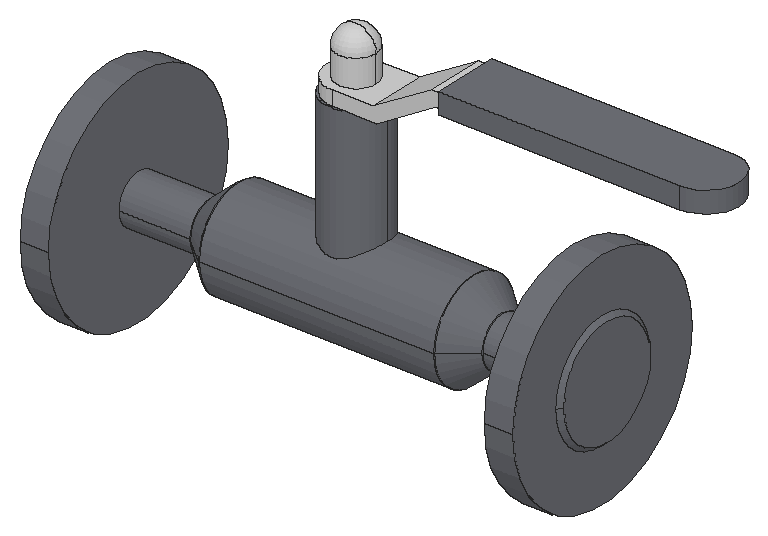
Revit family "РИДАН_RJIP Premium FB_FF_H DN15-125", category Арматура трубопроводов, Revit 2019
Family settings
  Размер круглого соединителя = Использовать диаметр
  Тип детали = Вставляется
  На основе рабочей плоскости = Нет
  Всегда вертикально = Да
  При загрузке вырезать с полостями = Нет
  Общий = Нет
Parameters (values of type "DN 15 PN40")
  Контакты_Производитель = "info@ridan.ru"  # constant formula
  Изготовитель = "ООО «Ридан-Трейд»"  # constant formula
  num = 1
  n = size_lookup(LT, "n", 20 mm, num)  # 2 mm
  m = size_lookup(LT, "m", 20 mm, num)  # 46 mm
  l = size_lookup(LT, "l", 20 mm, num)  # 50 mm
  k = size_lookup(LT, "k", 20 mm, num)  # 95 mm
  j = size_lookup(LT, "j", 20 mm, num)  # 12 mm
  i = (a * 2) + (b * 2) + c + (n * 2) + (j * 2)  # 213 mm
  h = size_lookup(LT, "h", 20 mm, num)  # 27 mm
  g = size_lookup(LT, "g", 20 mm, num)  # 73 mm
  f = size_lookup(LT, "f", 20 mm, num)  # 42 mm
  e = size_lookup(LT, "e", 20 mm, num)  # 21 mm
  d = size_lookup(LT, "d", 20 mm, num)  # 50 mm
  c = size_lookup(LT, "c", 20 mm, num)  # 100 mm
  b = size_lookup(LT, "b", 20 mm, num)  # 11.995 mm
  a = size_lookup(LT, "a", 20 mm, num)  # 30.505 mm
  URL = "https://ridan.ru/"
  LT = "Table"  # constant formula
  ADSK_Расход жидкости = 0 m³/h
  ADSK_Пропускная способность = size_lookup(LT, "Kvs", 0 m³/h, num)  # 18 m³/h
  ADSK_Потеря давления жидкости = 100000.0 Pa * (ADSK_Расход жидкости / ADSK_Пропускная способность) ^ 2  # 0.0 Pa
  ADSK_Наименование = size_lookup(LT, "Name", "", num)  # "RJIP Premium Кран шаровой FB FF DN15 PN40 H (фланцевый, с рукояткой, полнопроходной)"
  ADSK_Масса_Текст = ""
  ADSK_Масса = size_lookup(LT, "M", 0, num)  # 2.1
  ADSK_Марка = size_lookup(LT, "Mark", "", num)  # "RJIP Premium FB FF DN15 PN40 H"
  ADSK_Количество = 1  # constant formula
  ADSK_Код изделия = size_lookup(LT, "", "", num)  # "065N1300R"
  ADSK_Завод-изготовитель = "ООО «Ридан-Трейд»"  # constant formula
  ADSK_Единица измерения = "шт."
  ADSK_Диаметр условный = size_lookup(LT, "DN", 20 mm, num)  # 15 mm
  ADSK_Версия семейства = "1.0"  # constant formula
  ADSK_Версия Revit = "2019"  # constant formula
Types (15, lengths in mm): name | num | n | m | l | k | j | i | h | g | f | e | d | c | b | a | ADSK_Пропускная способность | ADSK_Наименование | ADSK_Масса | ADSK_Марка | ADSK_Код изделия | ADSK_Диаметр условный
  (no name) | 1 | 2 | 46 | 50 | 95 | 12 | 213 | 27 | 73 | 42 | 21 | 50 | 100 | 11.995 | 30.505 | 18 m³/h | "RJIP Premium Кран шаровой FB FF DN15 PN40 H (фланцевый, с рукояткой, полнопроходной)" | 2.1 | "RJIP Premium FB FF DN15 PN40 H" | "065N1300R" | 15
  DN 15 PN40 | 1 | 2 | 46 | 50 | 95 | 12 | 213 | 27 | 73 | 42 | 21 | 50 | 100 | 11.995 | 30.505 | 18 m³/h | "RJIP Premium Кран шаровой FB FF DN15 PN40 H (фланцевый, с рукояткой, полнопроходной)" | 2.1 | "RJIP Premium FB FF DN15 PN40 H" | "065N1300R" | 15
  DN 20 PN40 | 2 | 2 | 54 | 58 | 105 | 14 | 238 | 27 | 76 | 48 | 27 | 50 | 100 | 21.81 | 31.19 | 46 m³/h | "RJIP Premium Кран шаровой FB FF DN20 PN40 H (фланцевый, с рукояткой, полнопроходной)" | 2.39 | "RJIP Premium FB FF DN20 PN40 H" | "065N1305R" | 20
  DN 25 PN40 | 3 | 2 | 64 | 68 | 115 | 14 | 268 | 27 | 80.5 | 57 | 34 | 50 | 100 | 38.985 | 29.015 | 71 m³/h | "RJIP Premium Кран шаровой FB FF DN25 PN40 H (фланцевый, с рукояткой, полнопроходной)" | 2.94 | "RJIP Premium FB FF DN25 PN40 H" | "065N1310R" | 25
  DN 32 PN40 | 4 | 2 | 74 | 78 | 140 | 16 | 308 | 34 | 86.5 | 76 | 42 | 60 | 120 | 48.07 | 27.93 | 79 m³/h | "RJIP Premium Кран шаровой FB FF DN32 PN40 H (фланцевый, с рукояткой, полнопроходной)" | 5.9 | "RJIP Premium FB FF DN32 PN40 H" | "065N1315R" | 32
  DN 40 PN40 | 5 | 3 | 86 | 92 | 150 | 15 | 308 | 34 | 93 | 89 | 48 | 68.6 | 137.2 | 40.265 | 27.135 | 125 m³/h | "RJIP Premium Кран шаровой FB FF DN40 PN40 H (фланцевый, с рукояткой, полнопроходной)" | 6.49 | "RJIP Premium FB FF DN40 PN40 H" | "065N1320R" | 40
  DN 50 PN40 | 6 | 3 | 100 | 106 | 165 | 17 | 308 | 34 | 107.977 | 114 | 60 | 60 | 120 | 46 | 28 | 189 m³/h | "RJIP Premium Кран шаровой FB FF DN50 PN40 H (фланцевый, с рукояткой, полнопроходной)" | 9 | "RJIP Premium FB FF DN50 PN40 H" | "065N1325R" | 50
  DN 65 PN25 | 7 | 3 | 122 | 128 | 180 | 21 | 320 | 39 | 124 | 140 | 76 | 75 | 150 | 35.515 | 25.485 | 328 m³/h | "RJIP Premium Кран шаровой FB FF DN65 PN25 H (фланцевый, с рукояткой, полнопроходной)" | 13.21 | "RJIP Premium FB FF DN65 PN25 H" | "065N1330R" | 65
  DN 80 PN25 | 8 | 3 | 133 | 139 | 195 | 21 | 345 | 39 | 135.5 | 159 | 89 | 80 | 160 | 50 | 18.5 | 494 m³/h | "RJIP Premium Кран шаровой FB FF DN80 PN25 H (фланцевый, с рукояткой, полнопроходной)" | 20 | "RJIP Premium FB FF DN80 PN25 H" | "065N1335R" | 80
  DN 100 PN25 | 9 | 3 | 109.529 | 113.688 | 197.5 | 23 | 340 | 49 | 150 | 180 | 108 | 91.5 | 183 | 43.5 | 9 | 1358 m³/h | "RJIP Premium Кран шаровой FB FF DN100 PN25 H (фланцевый, с рукояткой, полнопроходной)" | 24 | "RJIP Premium FB FF DN100 PN25 H" | "065N1940R" | 100
  DN 125 PN25 | 10 | 3 | 128.35 | 132.536 | 245 | 25 | 370 | 49 | 172 | 219 | 133 | 110 | 220 | 28.567 | 18.433 | 2156 m³/h | "RJIP Premium Кран шаровой FB FF DN125 PN25 H (фланцевый, с рукояткой, полнопроходной)" | 34.45 | "RJIP Premium FB FF DN125 PN25 H" | "065N1945R" | 125
  DN 65 PN16 | 11 | 3 | 120 | 126 | 185 | 17 | 310 | 39 | 124 | 140 | 76 | 75 | 150 | 35.515 | 24.485 | 328 m³/h | "RJIP Premium Кран шаровой FB FF DN65 PN16 H (фланцевый, с рукояткой, полнопроходной)" | 8 | "RJIP Premium FB FF DN65 PN16 H" | "065N1230R" | 65
  DN 80 PN16 | 12 | 3 | 134 | 140 | 200 | 17 | 337 | 39 | 135.5 | 159 | 89 | 80 | 160 | 50 | 18.5 | 494 m³/h | "RJIP Premium Кран шаровой FB FF DN80 PN16 H (фланцевый, с рукояткой, полнопроходной)" | 18 | "RJIP Premium FB FF DN80 PN16 H" | "065N1235R" | 80
  DN 100 PN16 | 13 | 3 | 107.04 | 111.156 | 220 | 19 | 332 | 49 | 150 | 180 | 108 | 91.5 | 183 | 43.5 | 9 | 1358 m³/h | "RJIP Premium Кран шаровой FB FF DN100 PN16 H (фланцевый, с рукояткой, полнопроходной)" | 13 | "RJIP Premium FB FF DN100 PN16 H" | "065N1840R" | 100
  DN 125 PN16 | 14 | 3 | 186 | 192 | 250 | 19 | 366 | 49 | 172 | 219 | 133 | 110 | 220 | 28.567 | 22.433 | 2156 m³/h | "RJIP Premium Кран шаровой FB FF DN125 PN16 H (фланцевый, с рукояткой, полнопроходной)" | 31.76 | "RJIP Premium FB FF DN125 PN16 H" | "065N1845R" | 125
Reference planes
  plane 1 "По центру (Вперед/Назад)": y = 0
  plane 2: z = 0
  plane 3 "По центру (Влево/Вправо)": x = 0
  plane 4: x = -92.5
  plane 5: x = -61.995
  plane 6: x = -50
  plane 7: x = 92.5
  plane 8: x = 61.995
  plane 9: x = 50
  plane 10: z = 73
  plane 11: x = -104.5
  plane 12: x = -106.5
  plane 13: x = 104.5
  plane 14: x = 106.5
Forms (mm)
  Extrusion 1, solid, material "Корпус RJIP", detail levels fine
    sketch origin (0, 0, 0) x (0, 1, 0) y (0, 0, 1)
      loop
        circle (0, 0) r 10.5
    from -92.5 to -61.995
  Extrusion 2, solid, material "Корпус RJIP", detail levels fine
    sketch origin (0, 0, 0) x (0, 1, 0) y (0, 0, 1)
      loop
        circle (0, 0) r 10.5
    from 61.995 to 92.5
  Blend 3, solid, material "Корпус RJIP", detail levels fine
    base sketch origin (0, 0, 0) x (0, 1, 0) y (0, 0, 1)
      loop
        circle (0, 0) r 10.5
    top sketch origin (0, 0, 0) x (0, 1, 0) y (0, 0, 1)
      loop
        circle (0, 0) r 21
    from -61.995 to -50
  Blend 4, solid, material "Корпус RJIP", detail levels fine
    base sketch origin (0, 0, 0) x (0, 1, 0) y (0, 0, 1)
      loop
        circle (0, 0) r 10.5
    top sketch origin (0, 0, 0) x (0, 1, 0) y (0, 0, 1)
      loop
        circle (0, 0) r 21
    from 61.995 to 50
  Extrusion 5, solid, material "Корпус RJIP", detail levels fine
    sketch origin (0, 0, 0) x (0, 1, 0) y (0, 0, 1)
      loop
        circle (0, 0) r 21
    from -50 to 50
  Extrusion 6, solid, material "Корпус RJIP", detail levels fine
    sketch origin (0, 0, 0) x (1, 0, 0) y (0, 1, 0)
      loop
        circle (0, 0) r 13.5
    from 0 to 73
  Extrusion 7, solid, material "Корпус RJIP"
    sketch origin (0, 0, 0) x (0, 1, 0) y (0, 0, 1)
      loop
        circle (0, 0) r 47.5
    from -104.5 to -92.5
  Extrusion 8, solid, material "Корпус RJIP"
    sketch origin (0, 0, 0) x (0, 1, 0) y (0, 0, 1)
      loop
        circle (0, 0) r 47.5
    from 92.5 to 104.5
  Blend 9, solid, material "Корпус RJIP"
    base sketch origin (0, 0, 0) x (0, 1, 0) y (0, 0, 1)
      loop
        circle (0, 0) r 25
    top sketch origin (0, 0, 0) x (0, 1, 0) y (0, 0, 1)
      loop
        circle (0, 0) r 23
    from -104.5 to -106.5
  Blend 10, solid, material "Корпус RJIP"
    base sketch origin (0, 0, 0) x (0, 1, 0) y (0, 0, 1)
      loop
        circle (0, 0) r 25
    top sketch origin (0, 0, 0) x (0, 1, 0) y (0, 0, 1)
      loop
        circle (0, 0) r 23
    from 104.5 to 106.5
Cuts and joins
  joined: Extrusion 5, Extrusion 6
Dimensions and locks
  "a": plane 4 to plane 5
  "b": plane 5 to plane 6
  "c": plane 6 to plane 9
  "b": plane 8 to plane 9
  "a": plane 7 to plane 8
  "d": plane 6 to plane 3 "По центру (Влево/Вправо)"
  "g": plane 10 to plane 2
  "n": plane 12 to plane 11
  "j": plane 11 to plane 4
  "j": plane 13 to plane 7
  "n": plane 14 to plane 13
  "e": diameter of Extrusion 1 sketch curve
  "e": diameter of Extrusion 2 sketch curve
  "e": diameter of Blend 3 sketch curve
  "f": diameter of Blend 3 sketch curve
  "e": diameter of Blend 4 sketch curve
  "f": diameter of Blend 4 sketch curve
  "f": diameter of Extrusion 5 sketch curve
  "h": diameter of Extrusion 6 sketch curve
  "k": diameter of Extrusion 7 sketch curve
  "k": diameter of Extrusion 8 sketch curve
  "l": diameter of Blend 9 sketch curve
  "m": diameter of Blend 9 sketch curve
  "l": diameter of Blend 10 sketch curve
  "m": diameter of Blend 10 sketch curve
  aligned and locked: level to plane 2
  aligned and locked: Extrusion 1 to plane 5
  aligned and locked: plane 4 to Extrusion 1
  aligned and locked: Extrusion 2 to plane 8
  aligned and locked: plane 7 to Extrusion 2
  aligned and locked: Blend 3 to plane 6
  aligned and locked: plane 5 to Blend 3
  aligned and locked: Blend 4 to plane 9
  aligned and locked: plane 8 to Blend 4
  aligned and locked: plane 6 to Extrusion 5
  aligned and locked: plane 9 to Extrusion 5
  aligned and locked: Extrusion 6 to plane 10
  aligned and locked: plane 3 "По центру (Влево/Вправо)" to nested 1
  aligned and locked: plane 10 to nested 1
  aligned and locked: plane 3 "По центру (Влево/Вправо)" to nested 2
  aligned and locked: plane 3 "По центру (Влево/Вправо)" to nested 3
  aligned and locked: Extrusion 7 to plane 4
  aligned and locked: plane 11 to Extrusion 7
  aligned and locked: Extrusion 8 to plane 7
  aligned and locked: plane 13 to Extrusion 8
  aligned and locked: Blend 9 to plane 11
  aligned and locked: plane 12 to Blend 9
  aligned and locked: Blend 10 to plane 13
  aligned and locked: plane 14 to Blend 10
Automatic sketch dimensions
  Extrusion 1 sketch curve to level = 0 mm
  Extrusion 1 sketch curve to plane 1 "По центру (Вперед/Назад)" = 0 mm
  Extrusion 2 sketch curve to level = 0 mm
  Extrusion 2 sketch curve to plane 1 "По центру (Вперед/Назад)" = 0 mm
  Blend 3 sketch curve to level = 0 mm  (x2)
  Blend 3 sketch curve to plane 1 "По центру (Вперед/Назад)" = 0 mm  (x2)
  Blend 4 sketch curve to level = 0 mm  (x2)
  Blend 4 sketch curve to plane 1 "По центру (Вперед/Назад)" = 0 mm  (x2)
  Extrusion 5 sketch curve to level = 0 mm
  Extrusion 5 sketch curve to plane 1 "По центру (Вперед/Назад)" = 0 mm
  plane 1 "По центру (Вперед/Назад)" to Extrusion 6 sketch curve = 0 mm
  Extrusion 6 sketch curve to plane 3 "По центру (Влево/Вправо)" = 0 mm
  Extrusion 7 sketch curve to level = 0 mm
  Extrusion 7 sketch curve to plane 1 "По центру (Вперед/Назад)" = 0 mm
  Extrusion 8 sketch curve to level = 0 mm
  Extrusion 8 sketch curve to plane 1 "По центру (Вперед/Назад)" = 0 mm
  Blend 9 sketch curve to level = 0 mm  (x2)
  Blend 9 sketch curve to plane 1 "По центру (Вперед/Назад)" = 0 mm  (x2)
  Blend 10 sketch curve to level = 0 mm  (x2)
  Blend 10 sketch curve to plane 1 "По центру (Вперед/Назад)" = 0 mm  (x2)
Nested families
  nested 1: "Рукоятка RJIP" at (0, 0, 73), ADSK_Диаметр условный <- "ADSK_Диаметр условный", type "Рукоятка RJIP"
    with l 28 mm, k 25 mm, j 8.5 mm, i 18 mm, h 9 mm, g1 16.5 mm, g 3 mm, f1 256.1 mm, f 148.6 mm, e1 135.05 mm, e 46.42 mm, d1 29 mm, d 42.99 mm, c1 27 mm, c 17.99 mm, b1 33 mm, b 17.5 mm, a1 40 mm, a 6 mm, Var2 no, Var1 yes, ADSK_Диаметр условный 15 mm
  nested 2: "УГО_клапана" at (0, 0, 0), УГО_Длина <- "i", type "УГО_клапана", detail levels coarse+medium
    with УГО_Длина 213 mm, УГО_Высота 162.535 mm
  nested 3: "УГО_ЭУ_клапана" at (0, 0, 0), type "УГО_ЭУ_клапана", detail levels coarse+medium
    with УГО_Длина 100 mm, УГО_Высота 76.308 mm
Connectors
  piping at (-106.5, 0, 0), diameter 15, driven by "ADSK_Диаметр условный", driven by "ADSK_Расход жидкости"
    settings: on plane 12, index 1, connector inside diameter 609.6 mm, connector length 0 mm, flow factor 0, pipe flow 0 m³/h, pressure drop 0.0 Pa, fitting loss kfactor 0, connector angle 0.00°, fixture units 0, engagement length 0 mm, angle of deflection 0.00°, flow configuration 0, flow direction 1, fitting loss method 0, system type 29, joint type 0, gender type 0, connector reference index 2, connector utility 0, adjustable connector no, is connector primary yes, connector description ""
  piping at (106.5, 0, 0), diameter 15, driven by "ADSK_Диаметр условный", driven by "ADSK_Расход жидкости", driven by "ADSK_Потеря давления жидкости"
    settings: on plane 14, index 2, connector inside diameter 609.6 mm, connector length 0 mm, flow factor 0, pipe flow 0 m³/h, pressure drop 0.0 Pa, fitting loss kfactor 0, connector angle 0.00°, fixture units 0, engagement length 0 mm, angle of deflection 0.00°, flow configuration 0, flow direction 2, fitting loss method 4, system type 29, joint type 0, gender type 0, connector reference index 1, connector utility 0, adjustable connector no, is connector primary no, connector description ""
Definition of nested family "Рукоятка RJIP"
  Parameters (values of type "Рукоятка RJIP")
    l [instance] = size_lookup(LT, "l", 20 mm, ADSK_Диаметр условный)  # 28 mm
    k [instance] = size_lookup(LT, "k", 20 mm, ADSK_Диаметр условный)  # 25 mm
    j [instance] = size_lookup(LT, "j", 20 mm, ADSK_Диаметр условный)  # 8.5 mm
    i [instance] = size_lookup(LT, "i", 20 mm, ADSK_Диаметр условный)  # 18 mm
    h [instance] = size_lookup(LT, "h", 20 mm, ADSK_Диаметр условный)  # 9 mm
    g1 [instance] = size_lookup(LT, "g1", 20 mm, ADSK_Диаметр условный)  # 16.5 mm
    g [instance] = size_lookup(LT, "g", 20 mm, ADSK_Диаметр условный)  # 3 mm
    f1 [instance] = size_lookup(LT, "f1", 20 mm, ADSK_Диаметр условный)  # 256.1 mm
    f [instance] = size_lookup(LT, "f", 20 mm, ADSK_Диаметр условный)  # 148.6 mm
    e1 [instance] = size_lookup(LT, "e1", 20 mm, ADSK_Диаметр условный)  # 135.05 mm
    e [instance] = size_lookup(LT, "e", 20 mm, ADSK_Диаметр условный)  # 46.42 mm
    d1 [instance] = size_lookup(LT, "d1", 20 mm, ADSK_Диаметр условный)  # 29 mm
    d [instance] = size_lookup(LT, "d", 20 mm, ADSK_Диаметр условный)  # 42.99 mm
    c1 [instance] = size_lookup(LT, "c1", 20 mm, ADSK_Диаметр условный)  # 27 mm
    c [instance] = size_lookup(LT, "c", 20 mm, ADSK_Диаметр условный)  # 17.99 mm
    b1 [instance] = size_lookup(LT, "b1", 20 mm, ADSK_Диаметр условный)  # 33 mm
    b [instance] = size_lookup(LT, "b", 20 mm, ADSK_Диаметр условный)  # 17.5 mm
    a1 [instance] = size_lookup(LT, "a1", 20 mm, ADSK_Диаметр условный)  # 40 mm
    a [instance] = size_lookup(LT, "a", 20 mm, ADSK_Диаметр условный)  # 6 mm
    Var2 [instance] = not(Var1)  # no
    Var1 [instance] = ADSK_Диаметр условный < 51 mm  # yes
    LT = "handle"  # constant formula
    ADSK_Диаметр условный [instance] = 15 mm
  Reference planes
    plane 1 "По центру (Вперед/Назад)": y = 0
    plane 2: z = 0
    plane 3 "По центру (Влево/Вправо)": x = 0
    plane 4: z = 6
    plane 5: x = -12.5
    plane 6: x = 42.99
    plane 7: z = 3
    plane 8: z = 18
    plane 9: z = 22.5
    plane 10: z = 13.5
    plane 11: x = 17.99
    plane 12: y = 12.5
    plane 13: y = -12.5
    plane 14: y = 14
    plane 15: y = -14
    plane 16: x = 46.42
    plane 17: x = 148.6
    plane 18: z = 17.5
    plane 19: z = 33
    plane 20: z = 16.5
    plane 21: x = 135.05
    plane 22: x = 256.1
  Forms (mm)
    Sweep 1, solid, visible <- "Var1"
      path origin (0, 0, 0) x (1, 0, 0) y (0, 0, 1)
        loop
          line (0, 3) -> (17.99, 3) -> (42.99, 18) -> (46.42, 18)
      profile origin (8.995, 0, 3) x (0, 0, 1) y (0, -1, 0)
        loop
          line (3, -12.5) -> (3, 12.5) -> (-3, 12.5) -> (-3, -12.5) -> (3, -12.5)
    Extrusion 2, solid, visible <- "Var1"
      sketch origin (0, 0, 0) x (1, 0, 0) y (0, 1, 0)
        loop
          arc (0, 12.5) -> (-12.5, 0) -> (0, -12.5) r 12.5
          line (0, -12.5) -> (0, 12.5)
      from 0 to 6
    Sweep 3, solid, visible <- "Var1"
      path origin (0, 0, 0) x (1, 0, 0) y (0, 0, 1)
        loop
          line (46.42, 18) -> (148.6, 18)
      profile origin (97.51, 0, 18) x (0, 0, 1) y (0, -1, 0)
        loop
          line (4.5, -14) -> (4.5, 14) -> (-4.5, 14) -> (-4.5, -14) -> (4.5, -14)
    Extrusion 4, solid, visible <- "Var1"
      sketch origin (0, 0, 0) x (1, 0, 0) y (0, 1, 0)
        loop
          line (148.6, 14) -> (148.6, -14)
          arc (148.6, -14) -> (162.6, 0) -> (148.6, 14) r 14
      from 13.5 to 22.5
    Extrusion 5, solid, visible <- "Var1"
      sketch origin (0, 0, 0) x (1, 0, 0) y (0, 1, 0)
        loop
          circle (0, 0) r 8.5
      from 6 to 17.5
    Revolve 6, solid, visible <- "Var1"
      sketch origin (0, 0, 0) x (1, 0, 0) y (0, 0, 1)
        loop
          line (0, 17.5) -> (0, 26)
          arc (0, 26) -> (-6.01, 23.51) -> (-8.5, 17.5) r 8.5
          line (-8.5, 17.5) -> (0, 17.5)
        axis (0, 26) -> (0, 17.5)
      angle from 0 to 360
    Extrusion 7, solid, visible <- "Var2"
      sketch origin (0, 0, 0) x (1, 0, 0) y (0, 1, 0)
        loop
          circle (0, 0) r 20
      from 0 to 33
    Extrusion 8, solid, visible <- "Var2"
      sketch origin (0, 0, 0) x (0, 1, 0) y (0, 0, 1)
        loop
          circle (0, 16.5) r 13.5
      from 0 to 135.05
    Extrusion 9, solid, visible <- "Var2"
      sketch origin (0, 0, 0) x (0, 1, 0) y (0, 0, 1)
        loop
          circle (0, 16.5) r 14.5
      from 135.05 to 256.1
  Cuts and joins
    joined: Sweep 1, Extrusion 2
    joined: Sweep 3, Extrusion 4
    joined: Extrusion 5, Revolve 6
  Dimensions and locks
    "g": plane 7 to plane 2
    "a": plane 4 to plane 2
    plane 18 to plane 2 = 17.5 mm
    "j": Revolve 6 sketch curve to Revolve 6 sketch curve  (x2)
    "c": plane 11 to plane 3 "По центру (Влево/Вправо)"
    "d": plane 6 to plane 3 "По центру (Влево/Вправо)"
    "e": plane 16 to plane 3 "По центру (Влево/Вправо)"
    "f": plane 17 to plane 3 "По центру (Влево/Вправо)"
    "i": plane 8 to plane 2
    "h": plane 9 to plane 10
    equal spacing: plane 9, plane 8, plane 10
    "b1": plane 19 to plane 2
    "g1": plane 20 to plane 2
    "e1": plane 21 to plane 3 "По центру (Влево/Вправо)"
    "f1": plane 22 to plane 3 "По центру (Влево/Вправо)"
    "j": radius of Extrusion 5 sketch curve
    "j": radius of Revolve 6 sketch curve
    "a1": diameter of Extrusion 7 sketch curve
    "c1": diameter of Extrusion 8 sketch curve
    "d1": diameter of Extrusion 9 sketch curve
    aligned and locked: level to plane 2
    aligned and locked: plane 11 to Sweep 1 sketch curve
    aligned and locked: plane 16 to Sweep 1 sketch curve
    aligned and locked: plane 6 to Sweep 1 sketch curve
    aligned and locked: plane 7 to Sweep 1 sketch curve
    aligned and locked: Sweep 1 sketch curve to plane 7
    aligned and locked: Sweep 1 sketch curve to plane 8
    aligned and locked: plane 4 to Sweep 1 sketch curve
    aligned and locked: plane 12 to Sweep 1 sketch curve
    aligned and locked: Sweep 1 sketch curve to plane 2
    aligned and locked: Sweep 1 sketch curve to plane 13
    aligned and locked: plane 3 "По центру (Влево/Вправо)" to Extrusion 2 sketch curve  (x3)
    aligned and locked: plane 1 "По центру (Вперед/Назад)" to Extrusion 2 sketch curve
    aligned and locked: plane 12 to Extrusion 2 sketch curve
    aligned and locked: plane 4 to Extrusion 2
    aligned and locked: plane 3 "По центру (Влево/Вправо)" to Sweep 1 sketch curve
    aligned and locked: plane 16 to Sweep 3 sketch curve
    aligned and locked: plane 17 to Sweep 3 sketch curve
    aligned and locked: plane 9 to Sweep 3 sketch curve
    aligned and locked: plane 14 to Sweep 3 sketch curve
    aligned and locked: Sweep 3 sketch curve to plane 10
    aligned and locked: Sweep 3 sketch curve to plane 15
    aligned and locked: plane 17 to Extrusion 4 sketch curve  (x3)
    aligned and locked: plane 14 to Extrusion 4 sketch curve
    aligned and locked: plane 15 to Extrusion 4 sketch curve
    aligned and locked: Extrusion 4 to plane 10
    aligned and locked: plane 9 to Extrusion 4
    aligned and locked: Extrusion 5 to plane 4
    aligned and locked: Extrusion 5 to plane 18
    aligned and locked: plane 18 to Revolve 6 sketch curve  (x2)
    aligned and locked: plane 3 "По центру (Влево/Вправо)" to Revolve 6 sketch curve  (x2)
    aligned and locked: plane 19 to Extrusion 7
    aligned and locked: Extrusion 8 to plane 3 "По центру (Влево/Вправо)"
    aligned and locked: plane 21 to Extrusion 8
    aligned and locked: Extrusion 9 to plane 21
    aligned and locked: plane 22 to Extrusion 9
  Automatic sketch dimensions
    Sweep 3 sketch curve to plane 8 = 0 mm
    plane 1 "По центру (Вперед/Назад)" to Extrusion 5 sketch curve = 0 mm
    Extrusion 5 sketch curve to plane 3 "По центру (Влево/Вправо)" = 0 mm
    Revolve 6 sketch curve to plane 3 "По центру (Влево/Вправо)" = 0 mm
    level to Revolve 6 sketch curve = 0.962 mm
    Revolve 6 sketch curve to plane 18 = 0.162 mm
    plane 1 "По центру (Вперед/Назад)" to Extrusion 7 sketch curve = 0 mm
    Extrusion 7 sketch curve to plane 3 "По центру (Влево/Вправо)" = 0 mm
    Extrusion 8 sketch curve to plane 1 "По центру (Вперед/Назад)" = 0 mm
    Extrusion 8 sketch curve to plane 20 = 0 mm
    Extrusion 9 sketch curve to plane 1 "По центру (Вперед/Назад)" = 0 mm
    Extrusion 9 sketch curve to plane 20 = 0 mm
Definition of nested family "УГО_клапана"
  Parameters (values of type "УГО_клапана")
    УГО_Длина [instance] = 48 mm
    УГО_Высота [instance] = УГО_Длина * 0.76308  # 36.628 mm
  Reference planes
    plane 1 "По центру (Вперед/Назад)": y = 0
    plane 2: z = 0
    plane 3 "По центру (Влево/Вправо)": x = 0
    plane 4: x = -24
    plane 5: x = 24
    plane 6: z = 18.314
    plane 7: z = -18.314
  Forms (mm)
    Extrusion 1, solid, detail levels coarse+medium
      sketch origin (0, 0, 0) x (1, 0, 0) y (0, 0, 1)
        loop
          line (-24, -18.314) -> (0, 0) -> (-24, 18.314) -> (-24, -18.314)
      from -0.5 to 0.5
    Extrusion 2, solid, detail levels coarse+medium
      sketch origin (0, 0, 0) x (1, 0, 0) y (0, 0, 1)
        loop
          line (24, -18.314) -> (24, 18.314) -> (0, 0) -> (24, -18.314)
      from -0.5 to 0.5
  Dimensions and locks
    equal spacing: plane 5, plane 3 "По центру (Влево/Вправо)", plane 4
    "УГО_Длина": plane 5 to plane 4
    equal spacing: plane 6, plane 2, plane 7
    "УГО_Высота": plane 6 to plane 7
    aligned and locked: level to plane 2
    aligned and locked: plane 4 to Extrusion 1 sketch curve
    aligned and locked: Extrusion 2 sketch curve to plane 5
  Automatic sketch dimensions
    Extrusion 1 sketch curve to level = 0 mm
    Extrusion 1 sketch curve to plane 3 "По центру (Влево/Вправо)" = 0 mm
    Extrusion 1 sketch curve to plane 7 = 0 mm
    Extrusion 1 sketch curve to plane 6 = 0 mm
    Extrusion 2 sketch curve to level = 0 mm
    Extrusion 2 sketch curve to plane 3 "По центру (Влево/Вправо)" = 0 mm
    Extrusion 2 sketch curve to plane 7 = 0 mm
    Extrusion 2 sketch curve to plane 6 = 0 mm
Definition of nested family "УГО_ЭУ_клапана"
  Parameters (values of type "УГО_ЭУ_клапана")
    УГО_Длина [instance] = 100 mm
    УГО_Высота [instance] = УГО_Длина * 0.76308  # 76.308 mm
  Reference planes
    plane 1 "По центру (Вперед/Назад)": y = 0
    plane 2: z = 0
    plane 3 "По центру (Влево/Вправо)": x = 0
    plane 4: x = -50
    plane 5: x = 50
    plane 6: y = 38.154
    plane 7: y = -38.154
  Lines and regions (mm)
    Filled region 1, type "Сплошная заливка - Белый", in view "Опорный уровень"
      outline origin (0, 0, 0) x (1, 0, 0) y (0, 1, 0)
        loop
          line (-50, -38.154) -> (0, 0) -> (-50, 38.154) -> (-50, -38.154)
    Filled region 2, type "Сплошная заливка - Белый", in view "Опорный уровень"
      outline origin (0, 0, 0) x (1, 0, 0) y (0, 1, 0)
        loop
          line (50, -38.154) -> (50, 38.154) -> (0, 0) -> (50, -38.154)
  Dimensions and locks
    equal spacing: plane 4, plane 3 "По центру (Влево/Вправо)", plane 5
    "УГО_Длина": plane 4 to plane 5
    equal spacing: plane 6, plane 1 "По центру (Вперед/Назад)", plane 7
    "УГО_Высота": plane 6 to plane 7
    aligned and locked: plane 4 to Filled region 1 sketch curve
    aligned and locked: Filled region 1 to plane 4
  Automatic sketch dimensions
    plane 1 "По центру (Вперед/Назад)" to Filled region 1 sketch curve = 0 mm
    Filled region 1 sketch curve to plane 3 "По центру (Влево/Вправо)" = 0 mm
    plane 7 to Filled region 1 sketch curve = 0 mm
    Filled region 1 sketch curve to plane 6 = 0 mm
    plane 1 "По центру (Вперед/Назад)" to Filled region 2 sketch curve = 0 mm
    Filled region 2 sketch curve to plane 3 "По центру (Влево/Вправо)" = 0 mm
    Filled region 2 sketch curve to plane 5 = 0 mm
    plane 7 to Filled region 2 sketch curve = 0 mm
    Filled region 2 sketch curve to plane 6 = 0 mm
